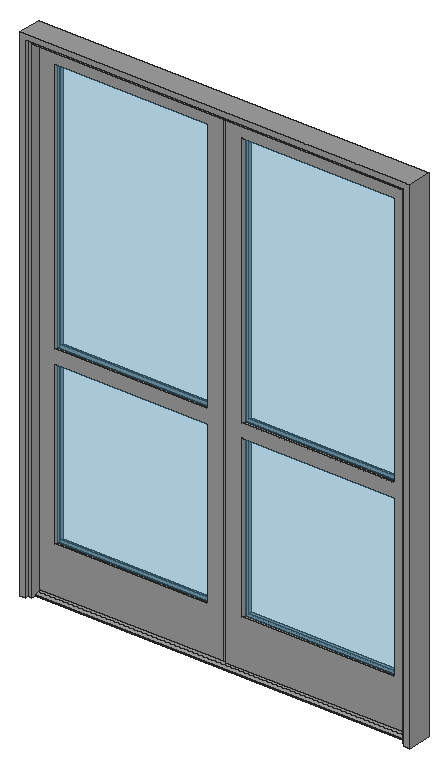
Revit family "RD-NS-DOOR-Double-1-CW_v04", category Curtain Panels, Revit 2015
Parameters
  Width [instance] = 6' - 2"
  URL = "obe.com"
  Rough Width [instance] = 6' - 0"
  Panel Width [instance] = Min Panel Width  # 6' - 0"
  Panel Offset [instance] = 0' - 0"
  Offset [instance] = 0' - 3"
  Model = "NS-212 DOOR"
  Min Rough Width [instance] = if(Rough Width > 6' 1 255/256", Rough Width, 6' 2")  # 6' - 2"
  Min Panel Width [instance] = if(Rough Width > 6' 1 255/256", Rough Width - 0' 2", 6' 0")  # 6' - 0"
  Manufacturer = "Oldcastle BuildingEnvelope®"
  Keynote = "08 11 00"
  Hinge [instance] = yes
  Height [instance] = 8' - 0"
  Pushbar Height [instance] = 3' - 5 1/4"  # constant formula
  Glass Material = Glass
  Frame Material = Aluminum
  Door Panel Height [instance] = Height - 0' 0 1/2"  # 7' - 11 1/2"
  Description = "NS-212 - 1\" Door Infill"
  Assembly Code = "B2030"
  Analytic Construction = "<None>"
  8 Muntin [instance] = no
  Mid-Panel [instance] = no
  10 Bottom Rail [instance] = not([8 Bottom Rail])  # no
  4 Muntin [instance] = no
  8 Bottom Rail [instance] = yes
  1 Muntin [instance] = if(or([4 Muntin], [8 Muntin], [Mid-Panel]), 1 = 2, 1 = 1)  # yes
Reference planes (in)
  plane 1 "Front": y = 0
  plane 2: z = 0
  plane 3 "Center (Left/Right)": x = 0
  plane 4 "Left": x = -37
  plane 5 "Right": x = 37
  plane 6 "Top": z = 96
  plane 7 "Offset": y = -3
  plane 8: y = -4.133
  plane 9: y = -4.133
  plane 10: y = -4.133
  plane 11: x = -37
  plane 12: x = 37
Forms (in)
  Sweep 1, solid, material "Aluminum" <- "Frame Material"
    path origin (0, -3, 0) x (-1, 0, 0) y (0, 0, 1)
      loop
        line (37, 0) -> (37, 96)
    profile origin (-37, -3, 48) x (1, 0, 0) y (0, 1, 0)
      loop
        line (1, -2.266) -> (1, 0) -> (0, 0) -> (0, -4.5) -> (1, -4.5) -> (1, -3.891) -> (1.75, -3.891) -> (1.75, -2.266) -> (1, -2.266)
  Sweep 2, solid, material "Aluminum" <- "Frame Material"
    path origin (0, -3, 0) x (-1, 0, 0) y (0, 0, 1)
      loop
        line (-37, 0) -> (-37, 96)
    profile origin (37, -3, 48) x (1, 0, 0) y (0, 1, 0)
      loop
        line (-1, -2.266) -> (-1.75, -2.266) -> (-1.75, -3.891) -> (-1, -3.891) -> (-1, -4.5) -> (0, -4.5) -> (0, 0) -> (-1, 0) -> (-1, -2.266)
  Extrusion 3, solid, material "Aluminum" <- "Frame Material"
    sketch origin (-37, 0, 0) x (0, -1, 0) y (0, 0, 1)
      loop
        line (5.266, 94.25) -> (6.891, 94.25) -> (6.891, 95) -> (7.5, 95) -> (7.5, 96) -> (3, 96) -> (3, 95) -> (5.266, 95) -> (5.266, 94.25)
    from -74 to 0
Cuts and joins
  joined: Sweep 1, Sweep 2, Extrusion 3
Text (in)
  text "Exterior" at (-54.29358, 31.38743, 0), in view "Ref. Level"
  text "Exterior" at (480, 41.53993, 89.60405), in view "Right"
  text "Exterior" at (-240, 57.82419, 105.78864), in view "Left"
Dimensions and locks (in)
  equal spacing: plane 4 "Left", plane 3 "Center (Left/Right)", plane 5 "Right"
  "Width": plane 4 "Left" to plane 5 "Right"
  "Height": plane 6 "Top" to plane 2
  "Offset": plane 1 "Front" to plane 7 "Offset"
  locked: plane 7 "Offset" to plane 8 at 1.133
  locked: plane 7 "Offset" to plane 9 at 1.133
  Extrusion 3 sketch curve to Extrusion 3 sketch curve to Extrusion 3 sketch curve = 0' - 0 3/4" locked, 0' - 0" locked
  Extrusion 3 sketch curve to nested 1 to Extrusion 3 sketch curve to Extrusion 3 sketch curve to Extrusion 3 sketch curve = 0' - 0" locked, 0' - 2.266" locked, 0' - 1 5/8" locked, 0' - 0.609" locked
  locked: plane 7 "Offset" to plane 10 at 1.133
  equal spacing: plane 11, plane 3 "Center (Left/Right)", plane 12
  "Min Rough Width": plane 11 to plane 12
  aligned and locked: level to plane 2
  aligned and locked: plane 3 "Center (Left/Right)" to nested 1
  aligned and locked: plane 6 "Top" to Sweep 1 sketch curve
  aligned and locked: level to Sweep 1 sketch curve
  aligned and locked: plane 6 "Top" to Sweep 2 sketch curve
  aligned and locked: level to Sweep 2 sketch curve
  aligned and locked: Extrusion 3 to plane 6 "Top"
  aligned and locked: Extrusion 3 sketch curve to plane 6 "Top"
  aligned and locked: nested 1 to plane 7 "Offset"
  aligned and locked: nested 3 to plane 8
  aligned and locked: plane 6 "Top" to nested 2
  aligned and locked: plane 10 to nested 2
  aligned and locked: plane 9 to nested 4
  aligned and locked: nested 4 to plane 11
  aligned and locked: plane 12 to nested 3
  aligned and locked: plane 12 to Sweep 2 sketch curve
  aligned and locked: Sweep 1 sketch curve to plane 11
  aligned and locked: cut or joined group of Sweep 1, Sweep 2, Extrusion 3 to plane 12
  aligned and locked: cut or joined group of Sweep 1, Sweep 2, Extrusion 3 to plane 11
Automatic sketch dimensions
  Sweep 1 sketch curve to profile plane = 0' - 0"
  Sweep 1 sketch curve to plane 7 "Offset" = 0' - 0"
  Sweep 1 sketch curve to profile plane = 0' - 1"  (x2)
  Sweep 1 sketch curve to Sweep 1 sketch curve = 0' - 0 3/4"
  Sweep 1 sketch curve to plane 7 "Offset" = 0' - 2.266"
  Sweep 1 sketch curve to Sweep 1 sketch curve = 0' - 1 5/8"
  Sweep 1 sketch curve to Sweep 1 sketch curve = 0' - 0.609"
  Sweep 2 sketch curve to plane 7 "Offset" = 0' - 0"
  Sweep 2 sketch curve to profile plane = 0' - 0"
  profile plane to Sweep 2 sketch curve = 0' - 1"  (x2)
  Sweep 2 sketch curve to Sweep 2 sketch curve = 0' - 0 3/4"
  Sweep 2 sketch curve to plane 7 "Offset" = 0' - 2.266"
  Sweep 2 sketch curve to Sweep 2 sketch curve = 0' - 1 5/8"
  Sweep 2 sketch curve to Sweep 2 sketch curve = 0' - 0.609"
  plane 6 "Top" to Extrusion 3 sketch curve = 0' - 1"
Nested families (in)
  nested 1: "RD-NS-DOOR-Double-1-Panel_v03" at (0, -17, 0), Frame Material <- "Frame Material", Glass Material <- "Glass Material", 4 Muntin <- "4 Muntin", 8 Muntin <- "8 Muntin", Glass Top <- "Pushbar Height", Hinge <- "Hinge", Height <- "Door Panel Height", Width <- "Min Panel Width", Mid-Panel <- "Mid-Panel", 8 Bottom Rail <- "8 Bottom Rail", Offset <- "Panel Offset", type "RD-NS-DOOR-Double-1-Panel_v03"
    with Wing Width 3' - 0", built-in parameter 1001301 6' - 0", Pushbar Height 3' - 5 1/4", Offset 0' - 0", Mid-Panel no, Hinge yes, built-in parameter 1001300 7' - 11 1/2", Glass at Muntin 0' - 1 9/16", Glass Top 3' - 5 1/4", Glass Material Glass, Frame Material Aluminum, Bottom Rail 0' - 8 29/32", 8 Muntin no, 8 Bottom Rail yes, 4 Muntin no, 10 Bottom Rail no, 1 Muntin yes
  nested 2: "Dub-Framing-DI" at (-37, -4.133, 96) x (0, -1, 0) z (-1, 0, 0), type "Dub-Framing-DI"
  nested 3: "Dub-Framing-DI" at (37, -4.133, 0) x (0, -1, 0) z (0, 0, 1), type "Dub-Framing-DI"
  nested 4: "Dub-Framing-DI" at (-37, -4.133, 0) x (0, -1, 0) z (0, 0, 1), type "Dub-Framing-DI"
Definition of nested family "RD-NS-DOOR-Double-1-Panel_v03"
  Parameters (values of type "RD-NS-DOOR-Double-1-Panel_v03")
    Wing Width [instance] = Width / 2  # 3' - 0"
    Width [instance] = 6' - 0"
    Pushbar Height [instance] = 3' - 5 1/4"  # constant formula
    Offset [instance] = 0' - 1"
    Mid-Panel [instance] = no
    Hinge [instance] = yes
    Height [instance] = 7' - 0"
    Glass at Muntin [instance] = if([8 Muntin], 0' 8 9/16", if([4 Muntin], 0' 4 9/16", if([Mid-Panel], 0' 8 9/16", 0' 1 9/16")))  # 0' - 1 9/16"
    Glass Top [instance] = 1' - 0"
    Glass Material [instance] = none
    Frame Material [instance] = none
    Bottom Rail [instance] = if([10 Bottom Rail], 0' 10 29/32", 0' 8 29/32")  # 0' - 8 29/32"
    8 Muntin [instance] = no
    10 Bottom Rail [instance] = not([8 Bottom Rail])  # no
    4 Muntin [instance] = no
    8 Bottom Rail [instance] = yes
    1 Muntin [instance] = if(or([4 Muntin], [8 Muntin], [Mid-Panel]), 1 = 2, 1 = 1)  # yes
  Reference planes (in)
    plane 1 "00": y = 11.87759
    plane 2: z = 0
    plane 3 "Center (Left/Right)": x = 0
    plane 4: z = 84
    plane 5: x = -36
    plane 6: x = 36
    plane 7 "Center (Front/Back)": y = 14
    plane 8 "Exterior": y = 12.37759
    plane 9: z = 42
    plane 10: z = 8.90625
    plane 11: z = 42.03125
    plane 12: z = 40.46875
    plane 13: z = 79.99987
    plane 14: z = 0
    plane 15 "Offset": y = 13
    plane 16: z = 41.25
  Forms (in)
    Sweep 1, solid, material <- "Frame Material"
      path origin (0, 11.87759, 0) x (1, 0, 0) y (0, 0, 1)
        loop
          line (-35.50502, 84) -> (-0.27391, 84)
      profile origin (-17.88947, 11.87759, 84) x (0, 0, 1) y (0, -1, 0)
        loop
          line (-0.65625, -1.008) -> (-0.65625, 1.008) -> (-2.77731, 1.008) -> (-4.40625, 1.008) -> (-4.40625, 0.5) -> (-4.00013, 0.5) -> (-4.00013, -0.5) -> (-4.40625, -0.5) -> (-4.40625, -1.008) -> (-2.77731, -1.008) -> (-0.65625, -1.008)
    Sweep 2, solid, material <- "Frame Material"
      path origin (0, 11.87759, 0) x (1, 0, 0) y (0, 0, 1)
        loop
          line (-0.27391, 0) -> (-35.50502, 0)
      profile origin (-17.88947, 11.87759, 0) x (0, 0, -1) y (0, -1, 0)
        loop
          line (-4.68343, -1.008) -> (-0.6875, -1.008) -> (-0.6875, 1.008) -> (-4.68343, 1.008) -> (-9.4375, 1.008) -> (-9.4375, 0.5) -> (-8.90625, 0.5) -> (-8.90625, -0.5) -> (-9.4375, -0.5) -> (-9.4375, -1.008) -> (-4.68343, -1.008)
    Sweep 3, solid, material <- "Frame Material"
      path origin (0, 11.87759, 0) x (1, 0, 0) y (0, 0, 1)
        loop
          line (35.24042, 83.34375) -> (35.24042, 0.6875)
      profile origin (35.24042, 11.87759, 42.01563) x (0, -1, 0) y (1, 0, 0)
        loop
          line (-1.008, 0.3902) -> (-1.008, -1.45435) -> (-1.008, -2.85966) -> (-0.5, -2.85966) -> (-0.5, -2.39066) -> (0.5, -2.39066) -> (0.5, -2.85966) -> (1.008, -2.85966) -> (1.008, -1.45435) -> (1.008, 0.26463) -> (-1.008, 0.3902)
    Sweep 4, solid, material <- "Frame Material"
      path origin (0, 11.87759, 0) x (1, 0, 0) y (0, 0, 1)
        loop
          line (-35.25, 83.34375) -> (-35.25, 0.6875)
      profile origin (-35.25, 11.87759, 42.01563) x (0, -1, 0) y (1, 0, 0)
        loop
          line (-1.008, -0.38059) -> (1.008, -0.25502) -> (1.008, 1.46393) -> (1.008, 2.86924) -> (0.5, 2.86924) -> (0.5, 2.40024) -> (-0.5, 2.40024) -> (-0.5, 2.86924) -> (-1.008, 2.86924) -> (-1.008, 1.46393) -> (-1.008, -0.38059)
    Sweep 5, solid, material <- "Frame Material"
      path origin (0, 11.87759, 0) x (1, 0, 0) y (0, 0, 1)
        loop
          line (-0.27391, 42) -> (-35.50502, 42)
      profile origin (-17.88947, 11.87759, 42) x (0, 0, -1) y (0, -1, 0)
        loop
          line (-0.56238, -0.5) -> (-0.56238, -1.008) -> (1.93763, -1.008) -> (1.93763, -0.5) -> (1.53125, -0.5) -> (1.53125, 0.5) -> (1.93763, 0.5) -> (1.93763, 1.008) -> (-0.56238, 1.008) -> (-0.56238, 0.5) -> (-0.03125, 0.5) -> (-0.03125, -0.5) -> (-0.56238, -0.5)
    Sweep 6, solid, material <- "Frame Material"
      path origin (0, 11.87759, 0) x (1, 0, 0) y (0, 0, 1)
        loop
          line (0, 83.34375) -> (0, 0.6875)
      profile origin (0, 11.87759, 42.01563) x (0, -1, 0) y (1, 0, 0)
        loop
          line (-1.008, -0.27391) -> (-1.008, -2.18343) -> (-1.008, -3.31637) -> (-0.5, -3.31637) -> (-0.5, -2.84737) -> (0.5, -2.84737) -> (0.5, -3.31637) -> (1.008, -3.31637) -> (1.008, -2.18343) -> (1.008, -0.27391)
          arc (1.008, -0.27391) -> (0, -0.0625) -> (-1.008, -0.27391) r 2.50872
        loop
          arc (-1.008, 0.27391) -> (0, 0.0625) -> (1.008, 0.27391) r 2.50872
          line (1.008, 0.27391) -> (1.008, 2.18343) -> (1.008, 3.31637) -> (0.5, 3.31637) -> (0.5, 2.84737) -> (0.252, 2.84737) -> (-0.5, 2.84737) -> (-0.5, 3.31637) -> (-1.008, 3.31637) -> (-1.008, 2.18343) -> (-1.008, 0.27391)
    Sweep 7, solid, material <- "Frame Material"
      path origin (0, 11.87759, 0) x (1, 0, 0) y (0, 0, 1)
        loop
          line (0.22004, 84) -> (35.50505, 84)
      profile origin (17.86254, 11.87759, 84) x (0, 0, 1) y (0, -1, 0)
        loop
          line (-0.65625, -1.008) -> (-0.65625, 1.008) -> (-2.77731, 1.008) -> (-4.40625, 1.008) -> (-4.40625, 0.5) -> (-4.00013, 0.5) -> (-4.00013, -0.5) -> (-4.40625, -0.5) -> (-4.40625, -1.008) -> (-2.77731, -1.008) -> (-0.65625, -1.008)
    Sweep 8, solid, material <- "Frame Material"
      path origin (0, 11.87759, 0) x (1, 0, 0) y (0, 0, 1)
        loop
          line (35.50505, 42) -> (0.27391, 42)
      profile origin (17.88948, 11.87759, 42) x (0, 0, -1) y (0, -1, 0)
        loop
          line (-0.56237, -0.5) -> (-0.56237, -1.008) -> (1.93763, -1.008) -> (1.93763, -0.5) -> (1.53125, -0.5) -> (1.53125, 0.5) -> (1.93763, 0.5) -> (1.93763, 1.008) -> (-0.56237, 1.008) -> (-0.56237, 0.5) -> (-0.03125, 0.5) -> (-0.03125, -0.5) -> (-0.56237, -0.5)
    Sweep 9, solid, material <- "Frame Material"
      path origin (0, 11.87759, 0) x (1, 0, 0) y (0, 0, 1)
        loop
          line (35.50505, 0) -> (0.27391, 0)
      profile origin (17.88948, 11.87759, 0) x (0, 0, -1) y (0, -1, 0)
        loop
          line (-3.49593, -1.008) -> (-0.6875, -1.008) -> (-0.6875, 1.008) -> (-3.49593, 1.008) -> (-9.4375, 1.008) -> (-9.4375, 0.5) -> (-8.90625, 0.5) -> (-8.90625, -0.5) -> (-9.4375, -0.5) -> (-9.4375, -1.008) -> (-3.49593, -1.008)
    Extrusion 10, solid, detail levels coarse
      sketch origin (0, 0, 0) x (1, 0, 0) y (0, 1, 0)
        loop
          line (2.84737, 12.37759) -> (2.84737, 11.37759) -> (32.84976, 11.37759) -> (32.84976, 12.37759) -> (2.84737, 12.37759)
      from 40.46875 to 8.90625
    Extrusion 11, solid, material <- "Glass Material", detail levels medium+fine
      sketch origin (0, 0, 0) x (1, 0, 0) y (0, 1, 0)
        loop
          line (2.84737, 11.37759) -> (32.84976, 11.37759) -> (32.84976, 11.62559) -> (2.84737, 11.62559) -> (2.84737, 11.37759)
        loop
          line (32.84976, 12.37759) -> (2.84737, 12.37759) -> (2.84737, 12.12959) -> (32.84976, 12.12959) -> (32.84976, 12.37759)
      from 8.90625 to 40.46875
    Extrusion 12, solid, material <- "Glass Material", detail levels medium+fine
      sketch origin (0, 0, 0) x (1, 0, 0) y (0, 1, 0)
        loop
          line (2.84737, 12.37759) -> (2.84737, 12.12959) -> (32.84976, 12.12959) -> (32.84976, 12.37759) -> (2.84737, 12.37759)
        loop
          line (32.84976, 11.37759) -> (32.84976, 11.62559) -> (2.84737, 11.62559) -> (2.84737, 11.37759) -> (32.84976, 11.37759)
      from 42.03125 to 79.99987
    Extrusion 13, solid, material <- "Glass Material", detail levels coarse
      sketch origin (0, 0, 0) x (1, 0, 0) y (0, 1, 0)
        loop
          line (2.84737, 12.37759) -> (2.84737, 11.37759) -> (32.84976, 11.37759) -> (32.84976, 12.37759) -> (2.84737, 12.37759)
      from 42.03125 to 79.99987
    Extrusion 14, solid, material <- "Glass Material", detail levels medium+fine
      sketch origin (0, 0, 0) x (1, 0, 0) y (0, 1, 0)
        loop
          line (-32.84976, 11.37759) -> (-2.84737, 11.37759) -> (-2.84737, 11.62559) -> (-32.84976, 11.62559) -> (-32.84976, 11.37759)
        loop
          line (-2.84737, 12.37759) -> (-32.84976, 12.37759) -> (-32.84976, 12.12959) -> (-2.84737, 12.12959) -> (-2.84737, 12.37759)
      from 8.90625 to 40.46875
    Extrusion 15, solid, material <- "Glass Material", detail levels coarse
      sketch origin (0, 0, 0) x (1, 0, 0) y (0, 1, 0)
        loop
          line (-32.84976, 12.37759) -> (-32.84976, 11.37759) -> (-4.31233, 11.37759) -> (-2.84737, 11.37759) -> (-2.84737, 12.37759) -> (-32.84976, 12.37759)
      from 42.03125 to 79.99987
    Extrusion 16, solid, material <- "Glass Material", detail levels coarse
      sketch origin (0, 0, 0) x (1, 0, 0) y (0, 1, 0)
        loop
          line (-32.84976, 12.37759) -> (-32.84976, 11.37759) -> (-2.84737, 11.37759) -> (-2.84737, 12.37759) -> (-32.84976, 12.37759)
      from 8.90625 to 40.46875
    Extrusion 17, solid, material <- "Glass Material", detail levels medium+fine
      sketch origin (0, 0, 0) x (1, 0, 0) y (0, 1, 0)
        loop
          line (-32.84976, 12.37759) -> (-32.84976, 12.12959) -> (-2.84737, 12.12959) -> (-2.84737, 12.37759) -> (-32.84976, 12.37759)
        loop
          line (-32.84976, 11.62559) -> (-32.84976, 11.37759) -> (-2.84737, 11.37759) -> (-2.84737, 11.62559) -> (-32.84976, 11.62559)
      from 42.03125 to 79.99987
    Sweep 18, solid, material <- "Frame Material"
      path origin (0, 13, 0) x (1, 0, 0) y (0, 0, 1)
        loop
          line (35.63061, 0) -> (-35.63059, 0)
      profile origin (0.00001, 13, 0) x (0, 0, -1) y (0, -1, 0)
        loop
          line (-0.5, 2.52041) -> (-0.5, -0.16559) -> (-0.19364, -0.82259) -> (0, -0.82259) -> (0, 3.17741) -> (-0.19364, 3.17741) -> (-0.5, 2.52041)
  Cuts and joins
    joined: Sweep 1, Sweep 2, Sweep 3, Sweep 4, Sweep 5, Sweep 6, Sweep 7, Sweep 8, Sweep 9
  Lines and regions (in)
    model lines
      curve 1: line (2.84737, 12.37759, 79.99987) -> (32.84976, 12.37759, 42.02216)
      curve 2: line (32.84976, 12.37759, 42.02216) -> (2.84737, 12.37759, 8.90625)
      curve 3: line (-2.84737, 12.37759, 79.99987) -> (-32.84976, 12.37759, 42)
      curve 4: line (-32.84976, 12.37759, 42) -> (-2.84737, 12.37759, 8.90625)
  Dimensions and locks (in)
    "Height": plane 4 to level
    equal spacing: plane 5, plane 3 "Center (Left/Right)", plane 6
    "Width": plane 5 to plane 6
    "Offset": plane 15 "Offset" to plane 7 "Center (Front/Back)"
    plane 1 "00" to plane 8 "Exterior" to plane 15 "Offset" = 0' - 0 1/2" locked, 0' - 0.62241" locked
    equal spacing: level, plane 9, plane 4
    locked: plane 3 "Center (Left/Right)" to Sweep 2 sketch curve at 0.27391
    locked: Sweep 3 sketch curve to plane 4 at 0.65625
    locked: Sweep 4 sketch curve to plane 4 at 0.65625
    locked: plane 3 "Center (Left/Right)" to Sweep 1 sketch curve at 0.27391
    locked: plane 3 "Center (Left/Right)" to Sweep 5 sketch curve at 0.27391
    locked: Sweep 7 sketch curve to plane 3 "Center (Left/Right)" at 0.22004
    locked: Sweep 8 sketch curve to plane 3 "Center (Left/Right)" at 0.27391
    locked: Sweep 9 sketch curve to plane 3 "Center (Left/Right)" at 0.27391
    Sweep 6 sketch curve to plane 4 = 0' - 0 21/32"
    "Glass at Muntin": plane 11 to plane 12
    locked: plane 12 to Sweep 8 sketch curve at 0.40638  (x2)
    locked: Sweep 8 sketch curve to plane 11 at 0.53112  (x2)
    "Bottom Rail": plane 10 to plane 2
    locked: Sweep 9 sketch curve to plane 10 at 0.53125  (x2)
    locked: Sweep 2 sketch curve to plane 10 at 0.53125  (x2)
    locked: Sweep 5 sketch curve to plane 11 at 0.53113  (x2)
    locked: plane 12 to Sweep 5 sketch curve at 0.40638  (x2)
    equal spacing: plane 4, plane 9, plane 14
    locked: plane 13 to Sweep 7 sketch curve at 0.40612  (x2)
    locked: plane 4 to plane 13 at 4.00013
    Extrusion 14 sketch curve to Extrusion 14 sketch curve to plane 1 "00" to Extrusion 14 sketch curve to Extrusion 14 sketch curve = 0' - 0.248" locked, 0' - 0.252" locked, 0' - 0.252" locked, 0' - 0.248" locked
    Extrusion 16 sketch curve to plane 1 "00" to Extrusion 16 sketch curve = 0' - 0 1/2" locked, 0' - 0 1/2" locked
    Extrusion 17 sketch curve to Extrusion 17 sketch curve to plane 1 "00" to Extrusion 17 sketch curve to Extrusion 17 sketch curve = 0' - 0.248" locked, 0' - 0.252" locked, 0' - 0.252" locked, 0' - 0.248" locked
    Extrusion 15 sketch curve to plane 1 "00" to Extrusion 15 sketch curve = 0' - 0 1/2" locked, 0' - 0 1/2" locked
    Extrusion 13 sketch curve to plane 1 "00" to Extrusion 13 sketch curve = 0' - 0 1/2" locked, 0' - 0 1/2" locked
    Extrusion 12 sketch curve to Extrusion 12 sketch curve to plane 1 "00" to Extrusion 12 sketch curve to Extrusion 12 sketch curve = 0' - 0.248" locked, 0' - 0.252" locked, 0' - 0.252" locked, 0' - 0.248" locked
    Extrusion 11 sketch curve to Extrusion 11 sketch curve to plane 1 "00" to Extrusion 11 sketch curve to Extrusion 11 sketch curve = 0' - 0.248" locked, 0' - 0.252" locked, 0' - 0.252" locked, 0' - 0.248" locked
    Extrusion 10 sketch curve to plane 1 "00" to Extrusion 10 sketch curve = 0' - 0 1/2" locked, 0' - 0 1/2" locked
    locked: plane 6 to Sweep 7 sketch curve at 0.49495
    equal spacing: plane 11, plane 16, plane 12
    "Pushbar Height": plane 16 to plane 14
    locked: Sweep 18 sketch curve to plane 5 at 0.36941
    locked: plane 6 to Sweep 18 sketch curve at 0.36939
    locked: plane 14 to Sweep 3 sketch curve at 0.6875
    locked: plane 14 to Sweep 6 sketch curve at 0.6875
    locked: plane 14 to Sweep 4 sketch curve at 0.6875
    aligned and locked: plane 2 to level
    aligned and locked: plane 1 "00" to nested 1
    aligned and locked: plane 3 "Center (Left/Right)" to nested 1
    aligned and locked: Sweep 1 sketch curve to plane 4
    aligned and locked: Sweep 2 sketch curve to level
    aligned and locked: level to nested 2
    aligned and locked: nested 2 to plane 1 "00"
    aligned and locked: Sweep 5 sketch curve to plane 9
    aligned and locked: plane 3 "Center (Left/Right)" to Sweep 6 sketch curve
    aligned and locked: Sweep 9 sketch curve to level
    aligned and locked: Sweep 8 sketch curve to plane 9
    aligned and locked: plane 4 to Sweep 7 sketch curve
    aligned and locked: Sweep 8 sketch curve to plane 11
    aligned and locked: plane 12 to Sweep 8 sketch curve
    aligned and locked: plane 10 to cut or joined group of Sweep 1, Sweep 2, Sweep 3, Sweep 4, Sweep 5, Sweep 6, Sweep 7, Sweep 8, Sweep 9
    aligned and locked: Extrusion 14 to plane 10
    aligned and locked: plane 12 to Extrusion 14
    aligned and locked: Extrusion 15 to plane 11
    aligned and locked: plane 13 to Extrusion 15
    aligned and locked: Extrusion 17 to plane 11
    aligned and locked: plane 13 to Extrusion 17
    aligned and locked: Extrusion 16 to plane 10
    aligned and locked: plane 12 to Extrusion 16
    aligned and locked: cut or joined group of Sweep 1, Sweep 2, Sweep 3, Sweep 4, Sweep 5, Sweep 6, Sweep 7, Sweep 8, Sweep 9 to plane 12
    aligned and locked: Extrusion 12 to plane 11
    aligned and locked: plane 11 to cut or joined group of Sweep 1, Sweep 2, Sweep 3, Sweep 4, Sweep 5, Sweep 6, Sweep 7, Sweep 8, Sweep 9
    aligned and locked: cut or joined group of Sweep 1, Sweep 2, Sweep 3, Sweep 4, Sweep 5, Sweep 6, Sweep 7, Sweep 8, Sweep 9 to plane 13
    aligned and locked: plane 13 to Extrusion 12
    aligned and locked: plane 13 to Extrusion 13
    aligned and locked: Extrusion 13 to plane 11
    aligned and locked: plane 12 to Extrusion 10
    aligned and locked: plane 12 to Extrusion 11
    aligned and locked: Extrusion 11 to plane 10
    aligned and locked: Extrusion 10 to plane 10
    aligned and locked: Sweep 7 sketch curve to plane 13
    aligned and locked: cut or joined group of Sweep 1, Sweep 2, Sweep 3, Sweep 4, Sweep 5, Sweep 6, Sweep 7, Sweep 8, Sweep 9 to curve 1
    aligned and locked: plane 9 to curve 3
    aligned and locked: plane 11 to Sweep 5 sketch curve
    aligned and locked: Sweep 5 sketch curve to plane 12
    aligned and locked: plane 10 to Sweep 2 sketch curve
    aligned and locked: Sweep 9 sketch curve to plane 10
    aligned and locked: plane 10 to Extrusion 11
    aligned and locked: Extrusion 11 to plane 12
    aligned and locked: Extrusion 13 to nested 1
    aligned and locked: Extrusion 12 to nested 1  (x2)
    aligned and locked: Extrusion 12 to cut or joined group of Sweep 1, Sweep 2, Sweep 3, Sweep 4, Sweep 5, Sweep 6, Sweep 7, Sweep 8, Sweep 9  (x2)
    aligned and locked: Extrusion 13 to cut or joined group of Sweep 1, Sweep 2, Sweep 3, Sweep 4, Sweep 5, Sweep 6, Sweep 7, Sweep 8, Sweep 9
    aligned and locked: cut or joined group of Sweep 1, Sweep 2, Sweep 3, Sweep 4, Sweep 5, Sweep 6, Sweep 7, Sweep 8, Sweep 9 to curve 4
    aligned and locked: curve 1 to Extrusion 13
    aligned and locked: Extrusion 15 to curve 3
    aligned and locked: curve 4 to Extrusion 14
    aligned and locked: Extrusion 10 to curve 2
    aligned and locked: Sweep 18 sketch curve to plane 14
  Automatic sketch dimensions
    plane 3 "Center (Left/Right)" to Extrusion 10 sketch curve = 0' - 2.84737"
    plane 3 "Center (Left/Right)" to Extrusion 11 sketch curve = 0' - 2.84737"
    Extrusion 11 sketch curve to Extrusion 11 sketch curve = 0' - 0"  (x2)
    plane 3 "Center (Left/Right)" to Extrusion 13 sketch curve = 0' - 2.84737"
    plane 3 "Center (Left/Right)" to Extrusion 12 sketch curve = 0' - 2.84737"
    Extrusion 12 sketch curve to Extrusion 12 sketch curve = 0' - 0"  (x2)
    Extrusion 14 sketch curve to Extrusion 14 sketch curve = 0' - 0"  (x2)
    Extrusion 14 sketch curve to plane 3 "Center (Left/Right)" = 0' - 2.84737"
    Extrusion 15 sketch curve to plane 3 "Center (Left/Right)" = 0' - 4.31233"
    Extrusion 15 sketch curve to Extrusion 15 sketch curve = 0' - 1.46495"
    Extrusion 16 sketch curve to plane 3 "Center (Left/Right)" = 0' - 2.84737"
    Extrusion 17 sketch curve to Extrusion 17 sketch curve = 0' - 0"  (x2)
    Extrusion 17 sketch curve to plane 3 "Center (Left/Right)" = 0' - 2.84737"
    plane 5 to Sweep 1 sketch curve = 0' - 0.49498"
    plane 5 to Sweep 2 sketch curve = 0' - 0.49498"
    Sweep 3 sketch curve to plane 6 = 0' - 0.75958"
    plane 5 to Sweep 4 sketch curve = 0' - 0 3/4"
    plane 5 to Sweep 5 sketch curve = 0' - 0.49498"
    Sweep 8 sketch curve to plane 6 = 0' - 0.49495"
    Sweep 9 sketch curve to plane 6 = 0' - 0.49495"
    Extrusion 10 sketch curve to plane 6 = 0' - 3.15024"
    Extrusion 11 sketch curve to plane 6 = 0' - 3.15024"
    Extrusion 12 sketch curve to plane 6 = 0' - 3.15024"
    Extrusion 13 sketch curve to plane 6 = 0' - 3.15024"
    plane 5 to Extrusion 14 sketch curve = 0' - 3.15024"
    plane 5 to Extrusion 15 sketch curve = 0' - 3.15024"
    plane 5 to Extrusion 16 sketch curve = 0' - 3.15024"
    plane 5 to Extrusion 17 sketch curve = 0' - 3.15024"
    plane 1 "00" to Sweep 6 sketch curve = 0' - 0"  (x2)
    Sweep 6 sketch curve to plane 1 "00" = 0' - 0 1/2"  (x2)
    Sweep 6 sketch curve to Sweep 6 sketch curve = 0' - 0.508"  (x3)
    Sweep 6 sketch curve to profile plane = 0' - 0.27391"
    Sweep 6 sketch curve to Sweep 6 sketch curve = 0' - 0"
    plane 1 "00" to Sweep 6 sketch curve = 0' - 0.252"
    plane 1 "00" to Sweep 6 sketch curve = 0' - 0 1/2"
    Sweep 6 sketch curve to Sweep 6 sketch curve = 0' - 0.248"
    profile plane to Sweep 6 sketch curve = 0' - 0.27391"
    Sweep 6 sketch curve to Sweep 6 sketch curve = 0' - 1.90952"  (x4)
    Sweep 6 sketch curve to Sweep 6 sketch curve = 0' - 0.38779"  (x2)
    Sweep 6 sketch curve to Sweep 6 sketch curve = 0' - 0.27615"  (x2)
    Sweep 6 sketch curve to Sweep 6 sketch curve = 0' - 0.469"  (x4)
    Sweep 3 sketch curve to plane 1 "00" = 0' - 1.008"
    Sweep 3 sketch curve to plane 1 "00" = 0' - 0 1/2"
    plane 1 "00" to Sweep 3 sketch curve = 0' - 0 1/2"
    Sweep 3 sketch curve to profile plane = 0' - 0.26463"
    plane 1 "00" to Sweep 3 sketch curve = 0' - 1.008"
    profile plane to Sweep 3 sketch curve = 0' - 1.45435"  (x2)
    Sweep 3 sketch curve to Sweep 3 sketch curve = 0' - 0.93631"
    Sweep 3 sketch curve to Sweep 3 sketch curve = 0' - 0.469"  (x2)
    Sweep 3 sketch curve to profile plane = 0' - 0.3902"
    Sweep 4 sketch curve to plane 1 "00" = 0' - 1.008"
    Sweep 4 sketch curve to plane 1 "00" = 0' - 0 1/2"
    plane 1 "00" to Sweep 4 sketch curve = 0' - 0 1/2"
    Sweep 4 sketch curve to Sweep 4 sketch curve = 0' - 0.508"
    profile plane to Sweep 4 sketch curve = 0' - 0.38059"
    profile plane to Sweep 4 sketch curve = 0' - 0.25502"
    Sweep 4 sketch curve to profile plane = 0' - 1.46393"  (x2)
    Sweep 4 sketch curve to Sweep 4 sketch curve = 0' - 0.93631"
    Sweep 4 sketch curve to Sweep 4 sketch curve = 0' - 0.469"  (x2)
    Sweep 1 sketch curve to plane 1 "00" = 0' - 0 1/2"
    profile plane to Sweep 1 sketch curve = 0' - 4 13/32"
    Sweep 1 sketch curve to Sweep 1 sketch curve = 0' - 0"
    Sweep 1 sketch curve to Sweep 1 sketch curve = 0' - 0.40612"
    Sweep 1 sketch curve to Sweep 1 sketch curve = 0' - 1.22282"  (x2)
    profile plane to Sweep 1 sketch curve = 0' - 0 21/32"
    Sweep 1 sketch curve to plane 1 "00" = 0' - 1.008"
    plane 1 "00" to Sweep 1 sketch curve = 0' - 0 1/2"
    plane 1 "00" to Sweep 1 sketch curve = 0' - 1.008"
    Sweep 5 sketch curve to plane 1 "00" = 0' - 1.008"
    Sweep 5 sketch curve to plane 1 "00" = 0' - 0 1/2"  (x2)
    plane 1 "00" to Sweep 5 sketch curve = 0' - 0 1/2"  (x2)
    Sweep 5 sketch curve to Sweep 5 sketch curve = 0' - 0.508"
    Sweep 2 sketch curve to plane 1 "00" = 0' - 1.008"
    Sweep 2 sketch curve to Sweep 2 sketch curve = 0' - 4.22282"
    Sweep 2 sketch curve to Sweep 2 sketch curve = 0' - 0"
    profile plane to Sweep 2 sketch curve = 0' - 0 11/16"
    Sweep 2 sketch curve to plane 1 "00" = 0' - 0 1/2"
    plane 1 "00" to Sweep 2 sketch curve = 0' - 0 1/2"
    plane 1 "00" to Sweep 2 sketch curve = 0' - 1.008"
    Sweep 9 sketch curve to plane 1 "00" = 0' - 1.008"
    profile plane to Sweep 9 sketch curve = 0' - 3.49593"
    Sweep 9 sketch curve to Sweep 9 sketch curve = 0' - 0"
    profile plane to Sweep 9 sketch curve = 0' - 0 11/16"
    Sweep 9 sketch curve to plane 1 "00" = 0' - 0 1/2"
    plane 1 "00" to Sweep 9 sketch curve = 0' - 0 1/2"
    plane 1 "00" to Sweep 9 sketch curve = 0' - 1.008"
    Sweep 8 sketch curve to plane 1 "00" = 0' - 1.008"
    Sweep 8 sketch curve to plane 1 "00" = 0' - 0 1/2"  (x2)
    plane 1 "00" to Sweep 8 sketch curve = 0' - 0 1/2"  (x2)
    Sweep 8 sketch curve to Sweep 8 sketch curve = 0' - 0.508"
    Sweep 7 sketch curve to Sweep 7 sketch curve = 0' - 1.22282"  (x2)
    profile plane to Sweep 7 sketch curve = 0' - 0 21/32"
    Sweep 7 sketch curve to plane 1 "00" = 0' - 1.008"
    Sweep 7 sketch curve to plane 1 "00" = 0' - 0 1/2"
    plane 1 "00" to Sweep 7 sketch curve = 0' - 0 1/2"
    plane 1 "00" to Sweep 7 sketch curve = 0' - 1.008"
    curve 2 to plane 10 = 0' - 0"
    curve 4 to plane 10 = 0' - 0"
    curve 3 to plane 13 = 0' - 0"
    curve 1 to plane 13 = 0' - 0"
    plane 9 to curve 2 = 0' - 0.02216"
    profile plane to Sweep 18 sketch curve = 0' - 0.19364"  (x2)
    profile plane to Sweep 18 sketch curve = 0' - 0"
    Sweep 18 sketch curve to Sweep 18 sketch curve = 0' - 0.657"
    Sweep 18 sketch curve to Sweep 18 sketch curve = 0' - 2.686"
    Sweep 18 sketch curve to plane 15 "Offset" = 0' - 0.82259"
    Sweep 18 sketch curve to plane 15 "Offset" = 0' - 0.16559"
    profile plane to Sweep 18 sketch curve = 0' - 0 1/2"
  Nested families (in)
    nested 1: "RD-NS-DOOR-Double-1-Plan View" at (0, 11.87759, 0), Width <- "Width", Wing Width <- "Wing Width", Hinge <- "Hinge", type "RD-NS-DOOR-Double-1-Plan View"
      with Wing Width 3' - 0", Width 6' - 0", Hinge yes
    nested 2: "RD-NS-DOOR-Double-1-Section_v02" at (0, 11.87759, 0) x (0, -1, 0) z (1, 0, 0), Height <- "Height", 4 Muntin <- "4 Muntin", 8 Muntin <- "8 Muntin", 8 Bottom Rail <- "8 Bottom Rail", Mid-Panel <- "Mid-Panel", type "RD-NS-DOOR-Double-1-Section_v02"
      with Pushbar Height 3' - 5 1/4", Mid-Panel no, Height 7' - 0", Glass at Muntins 0' - 1 9/16", Bottom Rail 0' - 8 29/32", 8 Muntin no, 8 Bottom Rail yes, 4 Muntin no, 10 Bottom Rail no, 1 Muntin yes
  Definition of nested family "RD-NS-DOOR-Double-1-Plan View"
    Parameters (values of type "RD-NS-DOOR-Double-1-Plan View")
      Wing Width [instance] = Width / 2  # 2' - 0"
      Width [instance] = 4' - 0"
      Hinge [instance] = yes
    Reference planes (in)
      plane 1 "Center (Front/Back)": y = 0
      plane 2: z = 0
      plane 3 "Center (Left/Right)": x = 0
      plane 4: x = -24
      plane 5: x = 24
      plane 6: x = -22.68437
      plane 7: x = 22.68437
    Lines and regions (in)
      detail lines, in view "Ref. Level"
        curve 1: arc (0.0625, 0, 0) -> (6.59743, 16.43638, 0) -> (22.63416, 23.8985, 0) r 23.9375
        curve 2: arc (-0.0625, 0, 0) -> (-6.71747, 16.56255, 0) -> (-22.98202, 23.91584, 0) r 23.9375
        curve 3: line (-22.81869, 21.15263, 0) -> (-22.81869, 4.50825, 0)
        curve 12: line (-21.81869, 21.15263, 0) -> (-21.81869, 4.50825, 0)
        curve 21: line (21.81869, 21.15263, 0) -> (21.81869, 4.50825, 0)
        curve 30: line (22.81869, 21.15263, 0) -> (22.81869, 4.50825, 0)
      detail lines, in view "Ref. Level", detail levels fine
        curve 4: line (-22.75669, 21.15263, 0) -> (-22.75669, 4.50825, 0)
        curve 5: line (-22.69469, 21.15263, 0) -> (-22.69469, 4.50825, 0)
        curve 6: line (-22.63269, 21.15263, 0) -> (-22.63269, 4.50825, 0)
        curve 9: line (-22.00469, 21.15263, 0) -> (-22.00469, 4.50825, 0)
        curve 10: line (-21.94269, 21.15263, 0) -> (-21.94269, 4.50825, 0)
        curve 11: line (-21.88069, 21.15263, 0) -> (-21.88069, 4.50825, 0)
        curve 22: line (21.88069, 21.15263, 0) -> (21.88069, 4.50825, 0)
        curve 23: line (21.94269, 21.15263, 0) -> (21.94269, 4.50825, 0)
        curve 24: line (22.00469, 21.15263, 0) -> (22.00469, 4.50825, 0)
        curve 27: line (22.63269, 21.15263, 0) -> (22.63269, 4.50825, 0)
        curve 28: line (22.69469, 21.15263, 0) -> (22.69469, 4.50825, 0)
        curve 29: line (22.75669, 21.15263, 0) -> (22.75669, 4.50825, 0)
      detail lines, in view "Ref. Level", detail levels medium+fine
        curve 7: line (-22.57069, 21.15263, 0) -> (-22.57069, 4.50825, 0)
        curve 8: line (-22.06669, 21.15263, 0) -> (-22.06669, 4.50825, 0)
        curve 25: line (22.06669, 21.15263, 0) -> (22.06669, 4.50825, 0)
        curve 26: line (22.57069, 21.15263, 0) -> (22.57069, 4.50825, 0)
      detail lines, in view "Ref. Level", not visible
        curve 13: line (-20.84976, 0.5, 0) -> (-2.84737, 0.5, 0)
        curve 14: line (-20.84976, -0.252, 0) -> (-2.84737, -0.252, 0)
        curve 15: line (-20.84976, -0.5, 0) -> (-2.84737, -0.5, 0)
        curve 16: line (-20.84976, 0.252, 0) -> (-2.84737, 0.252, 0)
        curve 17: line (2.84737, 0.5, 0) -> (20.84976, 0.5, 0)
        curve 18: line (20.84976, 0.252, 0) -> (2.84737, 0.252, 0)
        curve 19: line (2.84737, -0.252, 0) -> (20.84976, -0.252, 0)
        curve 20: line (20.84976, -0.5, 0) -> (2.84737, -0.5, 0)
    Dimensions and locks (in)
      equal spacing: plane 4, plane 3 "Center (Left/Right)", plane 5
      "Wing Width": plane 1 "Center (Front/Back)" to nested 3
      "Wing Width": plane 1 "Center (Front/Back)" to nested 4
      locked: plane 1 "Center (Front/Back)" to nested 6 at 0.89199
      locked: nested 7 to plane 1 "Center (Front/Back)" at 0.89199
      nested 3 to plane 7 to plane 5 = 0' - 0.36568" locked, 0' - 1.31563" locked
      "Width": plane 4 to plane 5
      nested 6 to plane 5 to nested 8 = 0' - 1.68131" locked, 0' - 2 1/4" locked
      nested 10 to plane 4 to nested 7 = 0' - 2 1/4" locked, 0' - 1.68131" locked
      locked: plane 5 to nested 5 at 2.25
      locked: nested 9 to plane 4 at 2.25
      curve 21 to curve 22 to curve 23 to curve 24 to curve 25 to curve 26 to curve 27 to plane 7 to curve 28 to curve 29 to curve 30 = 0' - 0.062" locked, 0' - 0.062" locked, 0' - 0.062" locked, 0' - 0.062" locked, 0' - 0.504" locked, 0' - 0.062" locked, 0' - 0.05168" locked, 0' - 0.01032" locked, 0' - 0.062" locked, 0' - 0.062" locked
      plane 4 to plane 6 to nested 4 = 0' - 1.31563" locked, 0' - 0.36568" locked
      aligned and locked: plane 3 "Center (Left/Right)" to nested 1
      aligned and locked: nested 1 to plane 1 "Center (Front/Back)"
      aligned and locked: plane 3 "Center (Left/Right)" to nested 2
      aligned and locked: nested 2 to plane 1 "Center (Front/Back)"
      aligned and locked: plane 1 "Center (Front/Back)" to nested 5
      aligned and locked: plane 1 "Center (Front/Back)" to nested 9
      aligned and locked: nested 8 to plane 1 "Center (Front/Back)"
      aligned and locked: nested 10 to plane 1 "Center (Front/Back)"
      aligned and locked: nested 3 to curve 21
      aligned and locked: nested 6 to curve 21
      aligned and locked: curve 3 to nested 7
      aligned and locked: curve 3 to nested 4
      aligned and locked: nested 5 to curve 20
      aligned and locked: nested 2 to curve 20
      aligned and locked: nested 1 to curve 15
      aligned and locked: nested 10 to curve 15
    Automatic sketch dimensions
      plane 1 "Center (Front/Back)" to curve 2 = 0' - 0"
      curve 2 to plane 4 = 0' - 0"
      plane 1 "Center (Front/Back)" to curve 1 = 0' - 0"
      curve 1 to plane 5 = 0' - 0"
      plane 6 to curve 2 = 0' - 0.29766"
      curve 16 to plane 1 "Center (Front/Back)" = 0' - 0.252"
      curve 16 to curve 15 = 0' - 0"  (x2)
      curve 13 to curve 16 = 0' - 0"
      curve 14 to curve 15 = 0' - 0"  (x2)
      curve 13 to plane 1 "Center (Front/Back)" = 0' - 0 1/2"
      curve 16 to curve 13 = 0' - 0"
      plane 1 "Center (Front/Back)" to curve 15 = 0' - 0 1/2"
      plane 1 "Center (Front/Back)" to curve 14 = 0' - 0.252"
      curve 2 to plane 3 "Center (Left/Right)" = 0' - 0 1/16"
      plane 3 "Center (Left/Right)" to curve 1 = 0' - 0 1/16"
      curve 18 to plane 1 "Center (Front/Back)" = 0' - 0.252"
      curve 18 to curve 20 = 0' - 0"  (x2)
      curve 17 to curve 18 = 0' - 0"  (x2)
      curve 19 to curve 20 = 0' - 0"  (x2)
      plane 7 to curve 1 = 0' - 0.0502"
      plane 1 "Center (Front/Back)" to curve 19 = 0' - 0.252"
      curve 20 to curve 19 = 0' - 0.248"
      curve 18 to curve 17 = 0' - 0.248"
      curve 21 to curve 26 = 0' - 0"
      curve 3 to curve 10 = 0' - 0"
      curve 21 to curve 25 = 0' - 0"
      curve 10 to curve 11 = 0' - 0"  (x2)
      curve 3 to curve 7 = 0' - 0"
      curve 11 to curve 12 = 0' - 0"  (x2)
      curve 9 to curve 10 = 0' - 0"  (x2)
      curve 26 to curve 27 = 0' - 0"  (x2)
      curve 3 to curve 5 = 0' - 0"
      curve 23 to curve 25 = 0' - 0"
      curve 4 to curve 5 = 0' - 0"  (x2)
      curve 22 to curve 23 = 0' - 0"  (x2)
      curve 27 to curve 29 = 0' - 0"
      curve 6 to curve 7 = 0' - 0"  (x2)
      curve 8 to curve 9 = 0' - 0"  (x2)
      curve 28 to curve 29 = 0' - 0"  (x2)
      curve 23 to curve 24 = 0' - 0"  (x2)
      curve 29 to curve 30 = 0' - 0"
      curve 3 to curve 11 = 0' - 0"
      curve 21 to curve 30 = 0' - 0"
      curve 21 to curve 22 = 0' - 0"
      curve 3 to curve 4 = 0' - 0"
      curve 24 to curve 25 = 0' - 0"
      curve 5 to curve 6 = 0' - 0"
      curve 26 to curve 30 = 0' - 0"
      curve 27 to curve 28 = 0' - 0"
      plane 6 to curve 3 = 0' - 0.13432"
      curve 3 to curve 4 = 0' - 0.062"
      plane 6 to curve 5 = 0' - 0.01032"
      curve 6 to plane 6 = 0' - 0.05168"
      curve 6 to curve 7 = 0' - 0.062"
      curve 7 to curve 8 = 0' - 0.504"
      curve 8 to curve 9 = 0' - 0.062"
      curve 9 to curve 10 = 0' - 0.062"
      curve 10 to curve 11 = 0' - 0.062"
      curve 11 to curve 12 = 0' - 0.062"
    Nested families (in)
      nested 1: "M STILE L-DI" at (0, 0, 0) x (-1, 0, 0) z (0, 0, 1), type "M STILE L-DI", in view "Ref. Level", not visible
      nested 2: "M STILE R-DI" at (0, 0, 0) x (-1, 0, 0) z (0, 0, 1), type "M STILE R-DI", in view "Ref. Level", not visible
      nested 3: "M STILE R-DI" at (22.31869, 24, 0) x (0, 1, 0) z (0, 0, 1), type "M STILE R-DI", in view "Ref. Level"
      nested 4: "M STILE R-DI" at (-22.31869, 24, 0) x (0, 1, 0) z (0, 0, 1), type "M STILE R-DI", in view "Ref. Level"
      nested 5: "HINGE STILE HD-DI" at (26.25, 0, 0), type "HINGE-HD-DI", in view "Ref. Level", not visible
      nested 6: "HINGE STILE HD-DI" at (22.31869, -0.89199, 0) x (0, -1, 0) z (0, 0, 1), type "HINGE-HD-DI", in view "Ref. Level"
      nested 7: "HINGE STILE HD-DI" at (-22.31869, -0.89199, 0) x (0, -1, 0) z (0, 0, 1), type "HINGE-HD-DI", in view "Ref. Level"
      nested 8: "HINGE" at (26.25, 0, 0) x (-1, 0, 0) z (0, 0, 1), visible <- "Hinge", type "HINGE", in view "Ref. Level"
      nested 9: "HINGE" at (-26.25, 0, 0), visible <- "Hinge", type "HINGE", in view "Ref. Level"
      nested 10: "HINGE STILE HD-DI" at (-26.25, 0, 0) x (-1, 0, 0) z (0, 0, 1), type "HINGE-HD-DI", in view "Ref. Level", not visible
    Definition of nested family "M STILE L-DI"
      Reference planes (in)
        plane 1 "Center (Front/Back)": y = 0
        plane 2: z = 0
        plane 3 "Center (Left/Right)": x = 0
      Lines and regions (in)
        detail lines, in view "Ref. Level"
          curve 1: line (0.26637, 1.008, 0) -> (3.31637, 1.008, 0)
          curve 2: arc (0.26637, 1.008, 0) -> (0.05863, 0, 0) -> (0.26637, -1.008, 0) r 2.54934
          curve 3: line (3.31637, -1.008, 0) -> (0.26637, -1.008, 0)
          curve 4: line (3.31637, -0.5, 0) -> (3.31637, -1.008, 0)
          curve 5: line (3.31637, 0.5, 0) -> (2.84737, 0.5, 0)
          curve 6: line (2.84737, 0.5, 0) -> (2.84737, -0.5, 0)
          curve 7: line (2.84737, -0.5, 0) -> (3.31637, -0.5, 0)
          curve 8: line (3.31637, 1.008, 0) -> (3.31637, 0.5, 0)
          curve 9: line (3.31637, 1.008, 0) -> (3.31637, 0.5, 0)
          curve 10: line (3.31637, 0.5, 0) -> (2.84737, 0.5, 0)
          curve 11: line (2.84737, 0.5, 0) -> (2.84737, -0.5, 0)
          curve 12: line (2.84737, -0.5, 0) -> (3.31637, -0.5, 0)
          curve 13: line (3.31637, -0.5, 0) -> (3.31637, -1.008, 0)
          curve 14: line (3.31637, -1.008, 0) -> (0.26637, -1.008, 0)
          curve 15: arc (0.26637, -1.008, 0) -> (0.05863, 0, 0) -> (0.26637, 1.008, 0) r 2.54934
          curve 16: line (0.26637, 1.008, 0) -> (3.31637, 1.008, 0)
          curve 17: line (3.31637, 1.008, 0) -> (3.31637, 0.5, 0)
          curve 18: line (3.31637, 0.5, 0) -> (2.84737, 0.5, 0)
          curve 19: line (2.84737, 0.5, 0) -> (2.84737, -0.5, 0)
          curve 20: line (2.84737, -0.5, 0) -> (3.31637, -0.5, 0)
          curve 21: line (3.31637, -0.5, 0) -> (3.31637, -1.008, 0)
          curve 22: line (3.31637, -1.008, 0) -> (0.26637, -1.008, 0)
          curve 23: arc (0.26637, -1.008, 0) -> (0.05863, 0, 0) -> (0.26637, 1.008, 0) r 2.54934
          curve 24: line (0.26637, 1.008, 0) -> (3.31637, 1.008, 0)
    Definition of nested family "M STILE R-DI"
      Reference planes (in)
        plane 1 "Center (Front/Back)": y = 0
        plane 2: z = 0
        plane 3 "Center (Left/Right)": x = 0
      Lines and regions (in)
        detail lines, in view "Ref. Level"
          curve 1: arc (-0.27859, -1.008, 0) -> (-0.06637, 0, 0) -> (-0.27859, 1.008, 0) r 2.5
          curve 2: line (-0.27859, 1.008, 0) -> (-3.31637, 1.008, 0)
          curve 3: line (-3.31637, 1.008, 0) -> (-3.31637, 0.5, 0)
          curve 4: line (-3.31637, 0.5, 0) -> (-2.84737, 0.5, 0)
          curve 5: line (-2.84737, 0.5, 0) -> (-2.84737, -0.5, 0)
          curve 6: line (-2.84737, -0.5, 0) -> (-3.31637, -0.5, 0)
          curve 7: line (-3.31637, -0.5, 0) -> (-3.31637, -1.008, 0)
          curve 8: line (-3.31637, -1.008, 0) -> (-0.27859, -1.008, 0)
    Definition of nested family "HINGE STILE HD-DI"
      Reference planes (in)
        plane 1 "Center (Front/Back)": y = 0
        plane 2: z = 0
        plane 3 "Center (Left/Right)": x = 0
      Lines and regions (in)
        detail lines, in view "Ref. Level"
          curve 1: line (-5.40024, 0.5, 0) -> (-5.86924, 0.5, 0)
          curve 2: line (-5.86924, 0.5, 0) -> (-5.86924, 1.008, 0)
          curve 3: line (-5.86924, 1.008, 0) -> (-2.74524, 1.008, 0)
          curve 4: line (-2.74524, 1.008, 0) -> (-2.61924, -1.008, 0)
          curve 5: line (-2.61924, -1.008, 0) -> (-5.86924, -1.008, 0)
          curve 6: line (-5.86924, -1.008, 0) -> (-5.86924, -0.5, 0)
          curve 7: line (-5.86924, -0.5, 0) -> (-5.40024, -0.5, 0)
          curve 8: line (-5.40024, -0.5, 0) -> (-5.40024, 0.5, 0)
    Definition of nested family "HINGE"
      Reference planes (in)
        plane 1 "Center (Front/Back)": y = 0
        plane 2: z = 0
        plane 3 "Center (Left/Right)": x = 0
  Definition of nested family "RD-NS-DOOR-Double-1-Section_v02"
    Parameters (values of type "RD-NS-DOOR-Double-1-Section_v02")
      Pushbar Height [instance] = 3' - 5 1/4"  # constant formula
      Mid-Panel [instance] = no
      Height [instance] = 7' - 0"
      Glass at Muntins [instance] = if([8 Muntin], 0' 8 9/16", if([4 Muntin], 0' 4 9/16", if([Mid-Panel], 0' 8 9/16", 0' 1 9/16")))  # 0' - 1 9/16"
      Bottom Rail [instance] = if([10 Bottom Rail], 0' 10 29/32", 0' 8 29/32")  # 0' - 8 29/32"
      8 Muntin [instance] = no
      8 Bottom Rail [instance] = yes
      4 Muntin [instance] = no
      10 Bottom Rail [instance] = not([8 Bottom Rail])  # no
      1 Muntin [instance] = if(or([4 Muntin], [8 Muntin], [Mid-Panel]), 1 = 2, 1 = 1)  # yes
    Reference planes (in)
      plane 1 "Center (Front/Back)": y = 0
      plane 2: z = 0
      plane 3 "Center (Left/Right)": x = 0
      plane 4: y = 80
      plane 5: y = 42.03125
      plane 6: y = 40.46875
      plane 7: y = 42.56225
      plane 8: y = 84
      plane 9: y = 8.90625
      plane 10: y = 41.25
    Lines and regions (in)
      detail lines, in view "Ref. Level"
        curve 1: line (-0.5, 40.46875, 0) -> (-0.5, 8.90625, 0)
        curve 10: line (0.5, 40.46875, 0) -> (0.5, 8.90625, 0)
        curve 11: line (-0.5, 80, 0) -> (-0.5, 42.03125, 0)
        curve 20: line (0.5, 80, 0) -> (0.5, 42.03125, 0)
      detail lines, in view "Ref. Level", detail levels fine
        curve 2: line (-0.438, 40.46875, 0) -> (-0.438, 8.90625, 0)
        curve 3: line (-0.376, 40.46875, 0) -> (-0.376, 8.90625, 0)
        curve 4: line (-0.314, 40.46875, 0) -> (-0.314, 8.90625, 0)
        curve 7: line (0.314, 40.46875, 0) -> (0.314, 8.90625, 0)
        curve 8: line (0.376, 40.46875, 0) -> (0.376, 8.90625, 0)
        curve 9: line (0.438, 40.46875, 0) -> (0.438, 8.90625, 0)
        curve 12: line (-0.438, 80, 0) -> (-0.438, 42.03125, 0)
        curve 13: line (-0.376, 80, 0) -> (-0.376, 42.03125, 0)
        curve 14: line (-0.314, 80, 0) -> (-0.314, 42.03125, 0)
        curve 17: line (0.314, 80, 0) -> (0.314, 42.03125, 0)
        curve 18: line (0.376, 80, 0) -> (0.376, 42.03125, 0)
        curve 19: line (0.438, 80, 0) -> (0.438, 42.03125, 0)
      detail lines, in view "Ref. Level", detail levels medium+fine
        curve 5: line (-0.252, 40.46875, 0) -> (-0.252, 8.90625, 0)
        curve 6: line (0.252, 40.46875, 0) -> (0.252, 8.90625, 0)
        curve 15: line (-0.252, 80, 0) -> (-0.252, 42.03125, 0)
        curve 16: line (0.252, 80, 0) -> (0.252, 42.03125, 0)
    Dimensions and locks (in)
      locked: plane 5 to plane 7 at 0.531
      "Glass at Muntins": plane 6 to plane 5
      nested 1 to plane 8 to plane 4 = 0' - 2 31/32" locked, 0' - 4" locked
      "Bottom Rail": plane 1 "Center (Front/Back)" to plane 9
      "Height": plane 1 "Center (Front/Back)" to plane 8
      equal spacing: plane 6, plane 10, plane 5
      "Pushbar Height": plane 1 "Center (Front/Back)" to plane 10
      aligned and locked: plane 3 "Center (Left/Right)" to nested 1
      aligned and locked: plane 3 "Center (Left/Right)" to nested 2
      aligned and locked: plane 3 "Center (Left/Right)" to nested 3
      aligned and locked: plane 3 "Center (Left/Right)" to nested 4
      aligned and locked: plane 3 "Center (Left/Right)" to nested 5
      aligned and locked: plane 3 "Center (Left/Right)" to nested 6
      aligned and locked: plane 6 to curve 1
      aligned and locked: plane 6 to curve 2
      aligned and locked: plane 6 to curve 3
      aligned and locked: plane 6 to curve 4
      aligned and locked: plane 6 to curve 5
      aligned and locked: plane 6 to curve 10
      aligned and locked: plane 6 to curve 8
      aligned and locked: plane 6 to curve 9
      aligned and locked: plane 6 to curve 7
      aligned and locked: plane 6 to curve 6
      aligned and locked: plane 5 to curve 11
      aligned and locked: plane 5 to curve 12
      aligned and locked: plane 5 to curve 13
      aligned and locked: plane 5 to curve 14
      aligned and locked: plane 5 to curve 15
      aligned and locked: plane 5 to curve 16
      aligned and locked: plane 5 to curve 17
      aligned and locked: plane 5 to curve 18
      aligned and locked: plane 5 to curve 19
      aligned and locked: plane 5 to curve 20
      aligned and locked: plane 4 to curve 11
      aligned and locked: plane 4 to curve 12
      aligned and locked: plane 4 to curve 13
      aligned and locked: plane 4 to curve 14
      aligned and locked: plane 4 to curve 15
      aligned and locked: plane 4 to curve 16
      aligned and locked: plane 4 to curve 17
      aligned and locked: plane 4 to curve 18
      aligned and locked: plane 4 to curve 19
      aligned and locked: plane 4 to curve 20
      aligned and locked: plane 9 to curve 1
      aligned and locked: plane 9 to curve 2
      aligned and locked: plane 9 to curve 3
      aligned and locked: plane 9 to curve 4
      aligned and locked: plane 9 to curve 5
      aligned and locked: plane 9 to curve 6
      aligned and locked: plane 9 to curve 7
      aligned and locked: plane 9 to curve 8
      aligned and locked: plane 9 to curve 9
      aligned and locked: plane 9 to curve 10
      aligned and locked: plane 7 to nested 6
      aligned and locked: nested 6 to plane 7
      aligned and locked: plane 7 to nested 5
      aligned and locked: plane 7 to nested 4
      aligned and locked: plane 1 "Center (Front/Back)" to nested 3
      aligned and locked: plane 1 "Center (Front/Back)" to nested 2
      aligned and locked: plane 7 to nested 7
      aligned and locked: plane 3 "Center (Left/Right)" to nested 7
    Automatic sketch dimensions
      curve 1 to plane 3 "Center (Left/Right)" = 0' - 0 1/2"
      curve 11 to plane 3 "Center (Left/Right)" = 0' - 0 1/2"
      curve 1 to curve 2 = 0' - 0.062"
      curve 11 to curve 12 = 0' - 0.062"
      curve 2 to curve 3 = 0' - 0.062"
      curve 12 to curve 13 = 0' - 0.062"
      curve 13 to curve 14 = 0' - 0.062"
      curve 3 to curve 4 = 0' - 0.062"
      curve 4 to curve 5 = 0' - 0.062"
      curve 14 to curve 15 = 0' - 0.062"
      plane 3 "Center (Left/Right)" to curve 16 = 0' - 0.252"
      plane 3 "Center (Left/Right)" to curve 6 = 0' - 0.252"
      curve 6 to curve 7 = 0' - 0.062"
      curve 16 to curve 17 = 0' - 0.062"
      curve 17 to curve 18 = 0' - 0.062"
      curve 7 to curve 8 = 0' - 0.062"
      curve 8 to curve 9 = 0' - 0.062"
      curve 18 to curve 19 = 0' - 0.062"
      curve 9 to curve 10 = 0' - 0.062"
      curve 19 to curve 20 = 0' - 0.062"
    Nested families (in)
      nested 1: "TOP RAIL-DI" at (0, 86.96875, 0), type "TOP RAIL-DI", in view "Ref. Level"
      nested 2: "8 BOTTOM RAIL-DI" at (0, 9.4375, 0), visible <- "8 Bottom Rail", type "8 BOTTOM RAIL-DI", in view "Ref. Level"
      nested 3: "10 BOTTOM RAIL-DI" at (0, 11.43749, 0), visible <- "10 Bottom Rail", type "10 BOTTOM RAIL-DI", in view "Ref. Level"
      nested 4: "1 MUNTIN-DI" at (0, 42.56225, 0), visible <- "1 Muntin", type "1 MUNTIN-DI", in view "Ref. Level"
      nested 5: "4 MUNTIN-DI" at (0, 42.56225, 0), visible <- "4 Muntin", type "4 MUNTIN-DI", in view "Ref. Level"
      nested 6: "8 MUNTIN-DI" at (0, 42.56225, 0), visible <- "8 Muntin", type "8 MUNTIN-DI", in view "Ref. Level"
      nested 7: "8 MID PANEL-DI" at (0, 42.56225, 0), visible <- "Mid-Panel", type "8 MID PANEL-DI", in view "Ref. Level"
    Definition of nested family "TOP RAIL-DI"
      Reference planes (in)
        plane 1 "Center (Front/Back)": y = 0
        plane 2: z = 0
        plane 3 "Center (Left/Right)": x = 0
      Lines and regions (in)
        detail lines, in view "Ref. Level"
          curve 1: line (1.008, -3.625, 0) -> (-1.008, -3.625, 0)
          curve 2: line (-1.008, -3.625, 0) -> (-1.008, -7.375, 0)
          curve 3: line (-1.008, -7.375, 0) -> (-0.5, -7.375, 0)
          curve 4: line (-0.5, -7.375, 0) -> (-0.5, -6.968, 0)
          curve 5: line (-0.5, -6.968, 0) -> (0.5, -6.968, 0)
          curve 6: line (0.5, -6.968, 0) -> (0.5, -7.375, 0)
          curve 7: line (0.5, -7.375, 0) -> (1.008, -7.375, 0)
          curve 8: line (1.008, -7.375, 0) -> (1.008, -3.625, 0)
    Definition of nested family "8 BOTTOM RAIL-DI"
      Reference planes (in)
        plane 1 "Center (Front/Back)": y = 0
        plane 2: z = 0
        plane 3 "Center (Left/Right)": x = 0
      Lines and regions (in)
        detail lines, in view "Ref. Level"
          curve 1: line (0.5, -0.531, 0) -> (-0.5, -0.531, 0)
          curve 2: line (-0.5, -0.531, 0) -> (-0.5, 0, 0)
          curve 3: line (-0.5, 0, 0) -> (-1.008, 0, 0)
          curve 4: line (-1.008, 0, 0) -> (-1.008, -8.9375, 0)
          curve 5: line (-1.008, -8.9375, 0) -> (-1.288, -8.9375, 0)
          curve 6: line (-1.288, -8.9375, 0) -> (-1.945, -9.24386, 0)
          curve 7: line (-1.945, -9.24386, 0) -> (-1.945, -9.43749, 0)
          curve 8: line (-1.945, -9.43749, 0) -> (2.055, -9.43749, 0)
          curve 9: line (2.055, -9.43749, 0) -> (2.055, -9.24386, 0)
          curve 10: line (2.055, -9.24386, 0) -> (1.398, -8.9375, 0)
          curve 11: line (1.398, -8.9375, 0) -> (1.008, -8.9375, 0)
          curve 12: line (1.008, -8.9375, 0) -> (1.008, 0, 0)
          curve 13: line (1.008, 0, 0) -> (0.5, 0, 0)
          curve 14: line (0.5, 0, 0) -> (0.5, -0.531, 0)
    Definition of nested family "10 BOTTOM RAIL-DI"
      Reference planes (in)
        plane 1 "Center (Front/Back)": y = 0
        plane 2: z = 0
        plane 3 "Center (Left/Right)": x = 0
      Lines and regions (in)
        detail lines, in view "Ref. Level"
          curve 1: line (1.008, 0, 0) -> (0.5, 0, 0)
          curve 2: line (0.5, 0, 0) -> (0.5, -0.531, 0)
          curve 3: line (0.5, -0.531, 0) -> (-0.5, -0.531, 0)
          curve 4: line (-0.5, -0.531, 0) -> (-0.5, 0, 0)
          curve 5: line (-0.5, 0, 0) -> (-1.008, 0, 0)
          curve 6: line (-1.008, 0, 0) -> (-1.008, -10.9375, 0)
          curve 7: line (-1.008, -10.9375, 0) -> (-1.288, -10.9375, 0)
          curve 8: line (-1.288, -10.9375, 0) -> (-1.945, -11.24386, 0)
          curve 9: line (-1.945, -11.24386, 0) -> (-1.945, -11.43749, 0)
          curve 10: line (-1.945, -11.43749, 0) -> (2.055, -11.43749, 0)
          curve 11: line (2.055, -11.43749, 0) -> (2.055, -11.24386, 0)
          curve 12: line (2.055, -11.24386, 0) -> (1.398, -10.9375, 0)
          curve 13: line (1.398, -10.9375, 0) -> (1.008, -10.9375, 0)
          curve 14: line (1.008, -10.9375, 0) -> (1.008, 0, 0)
    Definition of nested family "1 MUNTIN-DI"
      Reference planes (in)
        plane 1 "Center (Front/Back)": y = 0
        plane 2: z = 0
        plane 3 "Center (Left/Right)": x = 0
      Lines and regions (in)
        detail lines, in view "Ref. Level", detail levels coarse
          curve 1: line (0.5, -0.531, 0) -> (-0.5, -0.531, 0)
          curve 2: line (-0.5, -0.531, 0) -> (-0.5, 0, 0)
          curve 3: line (-0.5, 0, 0) -> (-1.008, 0, 0)
          curve 4: line (-1.008, 0, 0) -> (-1.008, -2.5, 0)
          curve 5: line (-1.008, -2.5, 0) -> (-0.5, -2.5, 0)
          curve 6: line (-0.5, -2.5, 0) -> (-0.5, -2.093, 0)
          curve 7: line (-0.5, -2.093, 0) -> (0.5, -2.093, 0)
          curve 8: line (0.5, -2.093, 0) -> (0.5, -2.5, 0)
          curve 9: line (0.5, -2.5, 0) -> (1.008, -2.5, 0)
          curve 10: line (1.008, -2.5, 0) -> (1.008, 0, 0)
          curve 11: line (1.008, 0, 0) -> (0.5, 0, 0)
          curve 12: line (0.5, 0, 0) -> (0.5, -0.531, 0)
    Definition of nested family "4 MUNTIN-DI"
      Reference planes (in)
        plane 1 "Center (Front/Back)": y = 0
        plane 2: z = 0
        plane 3 "Center (Left/Right)": x = 0
      Lines and regions (in)
        detail lines, in view "Ref. Level"
          curve 1: line (1.008, 0, 0) -> (0.5, 0, 0)
          curve 2: line (0.5, 0, 0) -> (0.5, -0.531, 0)
          curve 3: line (0.5, -0.531, 0) -> (-0.5, -0.531, 0)
          curve 4: line (-0.5, -0.531, 0) -> (-0.5, 0, 0)
          curve 5: line (-0.5, 0, 0) -> (-1.008, 0, 0)
          curve 6: line (-1.008, 0, 0) -> (-1.008, -5.5, 0)
          curve 7: line (-1.008, -5.5, 0) -> (-0.5, -5.5, 0)
          curve 8: line (-0.5, -5.5, 0) -> (-0.5, -5.093, 0)
          curve 9: line (-0.5, -5.093, 0) -> (0.5, -5.093, 0)
          curve 10: line (0.5, -5.093, 0) -> (0.5, -5.5, 0)
          curve 11: line (0.5, -5.5, 0) -> (1.008, -5.5, 0)
          curve 12: line (1.008, -5.5, 0) -> (1.008, 0, 0)
    Definition of nested family "8 MUNTIN-DI"
      Reference planes (in)
        plane 1 "Center (Front/Back)": y = 0
        plane 2: z = 0
        plane 3 "Center (Left/Right)": x = 0
